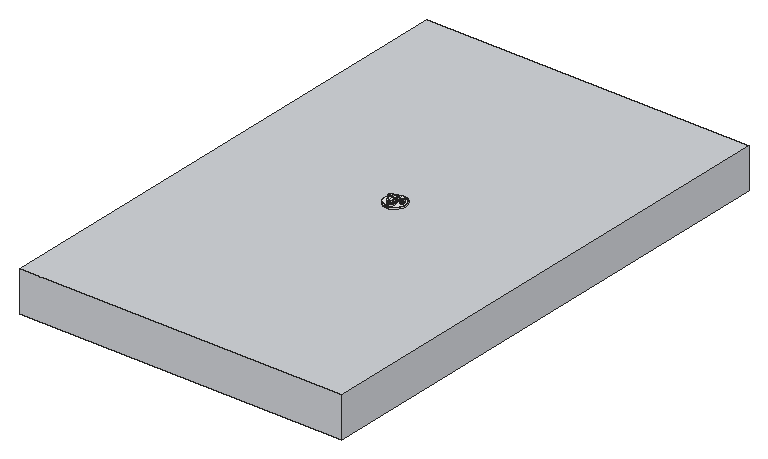
Revit family "Thermostatic_Trim-GROHE-GrohTherm_SmartControl-29138_Series", category Plumbing Fixtures, host Face, Revit 2018
Family settings
  Host = Face
  Round Connector Dimension = Use Diameter
  Part Type = Normal
  OmniClass Number = 23.45.05.14.17
  OmniClass Title = Showers
  Cut with Voids When Loaded = No
  Shared = Yes
  Room Calculation Point = No
Parameters (values of type "29138000")
  cUPC Compliant = yes
  Waste Connection = no
  Warranty Documentation Link = "https://cdn.cloud.grohe.com/tpi/1000/1900/1940/1949/1949006/original/1949006.pdf"
  WFU = 0  # constant formula
  Vent Connection = no
  URL = "https://www.grohe.us/"
  Type Comments = ""
  Revised Date = "05/27/2021"  # constant formula
  Product Page URL = "https://www.grohe.us/Thermostatic-Valves-Trims/Triple-Function-Thermostatic-Valve-Trim/GROHE-CHROME-29138000"
  Product Documentation Link = "https://americanstandard.box.com/shared/static/hyq1e3jxpgm2q76fay2qzz9g2fyxhk8y.pdf"
  Price = "Prices may vary. Please consult Manufacturer Representative for most up-to-date price list."  # constant formula
  Operating Pressure = "43.5 psi (3 bar)"  # constant formula
  Model = "29138000"
  Material = "Metal-Grohe-000-StarLight Chrome"
  Manufacturer = "Grohe"
  Length = 1 11/16"  # constant formula
  Installation Type = "Wall Mounted"
  IAPMO Compliance = "ASME A112.18.1/CSA B125.1"  # constant formula
  Hot Water Connection Radius = Hot Water Connection Diameter / 2  # 1/4"
  Hot Water Connection Diameter = Cold Water Connection Diameter  # 1/2"
  HWFU = 3  # constant formula
  HW Connection = yes
  Flow Rate = "9.5gpm (36L/min)"  # constant formula
  Finish = Metal-Grohe-000-StarLight Chrome
  Diameter = 6 1/4"  # constant formula
  Description = "GrohTherm® SmartControl Triple Function Thermostatic Trim with Control Module"  # constant formula
  Default Elevation = 0"
  Creation Date = "01/04/2018"  # constant formula
  Cold Water Connection Radius = 1/4"  # constant formula
  Cold Water Connection Diameter = Cold Water Connection Radius * 2  # 1/2"
  CWFU = 3  # constant formula
  CW Connection = yes
  Assembly Code = "D2010710"
Reference planes (in)
  plane 1 "Center (Front/Back)": y = 0
  plane 2: z = 0
  plane 3 "Center (Left/Right)": x = 0
  plane 4: z = 0.375
  plane 5: x = -0.15075
  plane 6: x = 0.15075
  plane 7: z = 1.6875
  plane 8: y = -3.125
  plane 9: y = 3.125
  plane 10: x = 3.125
  plane 11: x = -3.125
  plane 12: y = -0.55291
  plane 13: y = -2.48841
  plane 14: y = -1.52066
  plane 15: y = 1.25
  plane 16: y = 0.8125
  plane 17: x = -1.20277
Forms (in)
  Extrusion 1, solid
    sketch origin (-0.5, 0.5, 0) x (1, 0, 0) y (0, 1, 0)
      loop
        line (-48, 72) -> (-48, -79.70833) -> (48, -79.70833) -> (48, 72) -> (-48, 72)
    from 0 to -12
  Extrusion 2, solid, material "Metal-Grohe-000-StarLight Chrome" <- "Finish"
    sketch origin (0, 0, 0) x (1, 0, 0) y (0, 1, 0)
      loop
        circle (-0.81362, 0) r 0.25
      loop
        circle (0.81362, 0) r 0.25
    from 0 to 0.0625
  Revolve 3, solid, material "Metal-Grohe-000-StarLight Chrome" <- "Finish"
    sketch origin (0, 0, 0) x (0, 1, 0) y (0, 0, 1)
      loop
        line (-2.48841, 1.54478) -> (-2.48841, 1.50481) -> (-1.52066, 1.50481) -> (-1.52066, 1.6875)
        arc (-1.52066, 1.6875) -> (-1.94638, 1.681) -> (-2.3717, 1.66149) r 13.93676
        line (-2.3717, 1.66149) -> (-2.48841, 1.54478)
      loop
        line (-1.52066, 0.8294) -> (-2.48841, 0.8294) -> (-2.48841, 0.73803) -> (-2.43034, 0.73803) -> (-2.43034, 0.70214) -> (-2.48841, 0.70214) -> (-2.48841, 0.28028) -> (-1.52066, 0.28028) -> (-1.52066, 0.8294)
      axis (-1.52066, 1.6875) -> (-1.52066, 0.28028)
    angle from 0 to 360
  Extrusion 4, solid, material "Metal-Grohe-000-StarLight Chrome" <- "Finish"
    sketch origin (0, 0, 0) x (1, 0, 0) y (0, 1, 0)
      loop
        arc (0, -0.55291) -> (-0.04361, -0.56153) -> (-0.08782, -0.55691) r 0.14911
        arc (-0.08782, -0.55691) -> (-0.13689, -0.56856) -> (-0.18726, -0.5712) r 0.27927
        arc (-0.18726, -0.5712) -> (-0.22838, -0.5881) -> (-0.27265, -0.59212) r 0.14911
        arc (-0.27265, -0.59212) -> (-0.31206, -0.61267) -> (-0.35578, -0.62069) r 0.14911
        arc (-0.35578, -0.62069) -> (-0.39317, -0.64473) -> (-0.43599, -0.65669) r 0.14911
        arc (-0.43599, -0.65669) -> (-0.47104, -0.68403) -> (-0.51259, -0.69982) r 0.14911
        arc (-0.51259, -0.69982) -> (-0.54502, -0.73022) -> (-0.58497, -0.74972) r 0.14911
        arc (-0.58497, -0.74972) -> (-0.6145, -0.78294) -> (-0.65251, -0.80599) r 0.14911
        arc (-0.65251, -0.80599) -> (-0.67891, -0.84175) -> (-0.71468, -0.86815) r 0.14911
        arc (-0.71468, -0.86815) -> (-0.73772, -0.90616) -> (-0.77094, -0.9357) r 0.14911
        arc (-0.77094, -0.9357) -> (-0.79044, -0.97565) -> (-0.82085, -1.00807) r 0.14911
        arc (-0.82085, -1.00807) -> (-0.83664, -1.04962) -> (-0.86397, -1.08468) r 0.14911
        arc (-0.86397, -1.08468) -> (-0.87593, -1.12749) -> (-0.89997, -1.16488) r 0.14911
        arc (-0.89997, -1.16488) -> (-0.908, -1.2086) -> (-0.92855, -1.24802) r 0.14911
        arc (-0.92855, -1.24802) -> (-0.93257, -1.29229) -> (-0.94946, -1.33341) r 0.14911
        arc (-0.94946, -1.33341) -> (-0.94944, -1.37786) -> (-0.96253, -1.42034) r 0.14911
        arc (-0.96253, -1.42034) -> (-0.95849, -1.46461) -> (-0.96767, -1.5081) r 0.14911
        arc (-0.96767, -1.5081) -> (-0.95962, -1.55182) -> (-0.96481, -1.59597) r 0.14911
        arc (-0.96481, -1.59597) -> (-0.95283, -1.63877) -> (-0.954, -1.68321) r 0.14911
        arc (-0.954, -1.68321) -> (-0.93818, -1.72475) -> (-0.93531, -1.76911) r 0.14911
        arc (-0.93531, -1.76911) -> (-0.91579, -1.80905) -> (-0.90891, -1.85296) r 0.14911
        arc (-0.90891, -1.85296) -> (-0.88584, -1.89096) -> (-0.875, -1.93407) r 0.14911
        arc (-0.875, -1.93407) -> (-0.84858, -1.96982) -> (-0.83388, -2.01177) r 0.14911
        arc (-0.83388, -2.01177) -> (-0.80432, -2.04498) -> (-0.78587, -2.08542) r 0.14911
        arc (-0.78587, -2.08542) -> (-0.75342, -2.1158) -> (-0.73138, -2.1544) r 0.14911
        arc (-0.73138, -2.1544) -> (-0.69631, -2.18172) -> (-0.67085, -2.21816) r 0.14911
        arc (-0.67085, -2.21816) -> (-0.63344, -2.24218) -> (-0.60478, -2.27616) r 0.14911
        arc (-0.60478, -2.27616) -> (-0.56535, -2.29669) -> (-0.53373, -2.32793) r 0.14911
        arc (-0.53373, -2.32793) -> (-0.4926, -2.34479) -> (-0.45827, -2.37303) r 0.14911
        arc (-0.45827, -2.37303) -> (-0.41578, -2.38609) -> (-0.37903, -2.4111) r 0.14911
        arc (-0.37903, -2.4111) -> (-0.33553, -2.42025) -> (-0.29666, -2.44182) r 0.14911
        arc (-0.29666, -2.44182) -> (-0.25251, -2.44699) -> (-0.21184, -2.46494) r 0.14911
        arc (-0.21184, -2.46494) -> (-0.16741, -2.46608) -> (-0.12528, -2.48027) r 0.14911
        arc (-0.12528, -2.48027) -> (-0.08092, -2.47737) -> (-0.03768, -2.48768) r 0.14911
        arc (-0.03768, -2.48768) -> (0.00623, -2.48077) -> (0.05023, -2.48711) r 0.14911
        arc (0.05023, -2.48711) -> (0.09333, -2.47624) -> (0.13772, -2.47856) r 0.14911
        arc (0.13772, -2.47856) -> (0.17966, -2.46383) -> (0.22408, -2.46211) r 0.14911
        arc (0.22408, -2.46211) -> (0.26451, -2.44363) -> (0.30859, -2.43789) r 0.14911
        arc (0.30859, -2.43789) -> (0.34718, -2.41582) -> (0.39056, -2.4061) r 0.14911
        arc (0.39056, -2.4061) -> (0.42698, -2.38062) -> (0.4693, -2.36701) r 0.14911
        arc (0.4693, -2.36701) -> (0.50326, -2.33833) -> (0.54416, -2.32093) r 0.14911
        arc (0.54416, -2.32093) -> (0.57538, -2.28928) -> (0.61454, -2.26825) r 0.14911
        arc (0.61454, -2.26825) -> (0.64276, -2.2339) -> (0.67985, -2.20939) r 0.14911
        arc (0.67985, -2.20939) -> (0.70483, -2.17263) -> (0.73954, -2.14486) r 0.14911
        arc (0.73954, -2.14486) -> (0.76108, -2.10597) -> (0.79313, -2.07517) r 0.14911
        arc (0.79313, -2.07517) -> (0.81106, -2.03449) -> (0.84018, -2.00091) r 0.14911
        arc (0.84018, -2.00091) -> (0.85434, -1.95877) -> (0.8803, -1.92268) r 0.14911
        arc (0.8803, -1.92268) -> (0.89057, -1.87943) -> (0.91315, -1.84114) r 0.14911
        arc (0.91315, -1.84114) -> (0.91946, -1.79714) -> (0.93846, -1.75695) r 0.14911
        arc (0.93846, -1.75695) -> (0.94075, -1.71256) -> (0.95603, -1.67081) r 0.14911
        arc (0.95603, -1.67081) -> (0.95428, -1.62639) -> (0.96571, -1.58344) r 0.14911
        arc (0.96571, -1.58344) -> (0.95994, -1.53936) -> (0.96742, -1.49554) r 0.14911
        arc (0.96742, -1.49554) -> (0.95768, -1.45217) -> (0.96115, -1.40785) r 0.14911
        arc (0.96115, -1.40785) -> (0.94751, -1.36554) -> (0.94695, -1.3211) r 0.14911
        arc (0.94695, -1.3211) -> (0.92952, -1.2802) -> (0.92493, -1.23599) r 0.14911
        arc (0.92493, -1.23599) -> (0.90387, -1.19684) -> (0.89528, -1.15323) r 0.14911
        arc (0.89528, -1.15323) -> (0.87075, -1.11615) -> (0.85824, -1.0735) r 0.14911
        arc (0.85824, -1.0735) -> (0.83045, -1.0388) -> (0.81412, -0.99746) r 0.14911
        arc (0.81412, -0.99746) -> (0.7833, -0.96543) -> (0.76328, -0.92574) r 0.14911
        arc (0.76328, -0.92574) -> (0.72968, -0.89664) -> (0.70615, -0.85893) r 0.14911
        arc (0.70615, -0.85893) -> (0.67004, -0.833) -> (0.64318, -0.79758) r 0.14911
        arc (0.64318, -0.79758) -> (0.60487, -0.77503) -> (0.57491, -0.74219) r 0.14911
        arc (0.57491, -0.74219) -> (0.53471, -0.72322) -> (0.50189, -0.69323) r 0.14911
        arc (0.50189, -0.69323) -> (0.46014, -0.67798) -> (0.42473, -0.6511) r 0.14911
        arc (0.42473, -0.6511) -> (0.38177, -0.6397) -> (0.34407, -0.61615) r 0.14911
        arc (0.34407, -0.61615) -> (0.30025, -0.60869) -> (0.26057, -0.58865) r 0.14911
        arc (0.26057, -0.58865) -> (0.21625, -0.58521) -> (0.17492, -0.56885) r 0.14911
        arc (0.17492, -0.56885) -> (0.13047, -0.56945) -> (0.08782, -0.55691) r 0.14911
        arc (0.08782, -0.55691) -> (0.04361, -0.56153) -> (0, -0.55291) r 0.14911
    from 0.8294 to 1.50481
  Extrusion 5, solid, material "Paint-Grohe-Red"
    sketch origin (0, 0, 0) x (1, 0, 0) y (0, 1, 0)
      loop
        line (-0.24665, -0.46647) -> (-0.26135, -0.40363)
        arc (-0.26135, -0.40363) -> (-0.70105, -0.61259) -> (-1.0145, -0.98507) r 1.1472
        line (-1.0145, -0.98507) -> (-0.95743, -1.0152)
        arc (-0.95743, -1.0152) -> (-0.66161, -0.66367) -> (-0.24665, -0.46647) r 1.08267
    from 0 to 0.38164
  Extrusion 6, solid, material "Paint-Grohe-Blue"
    sketch origin (0, 0, 0) x (-1, 0, 0) y (0, -1, 0)
      loop
        arc (-0.24665, 0.46647) -> (-0.66161, 0.66367) -> (-0.95743, 1.0152) r 1.08267
        line (-0.95743, 1.0152) -> (-1.0145, 0.98507)
        arc (-1.0145, 0.98507) -> (-0.70105, 0.61259) -> (-0.26135, 0.40363) r 1.1472
        line (-0.26135, 0.40363) -> (-0.24665, 0.46647)
    from 0 to 0.38164
  Extrusion 7, solid, material "Metal-Grohe-000-StarLight Chrome" <- "Finish"
    sketch origin (0, 0, 0) x (1, 0, 0) y (0, 0, 1)
      loop
        circle (0, 1.16813) r 0.30299
    from 0.25425 to 1.62542
  Extrusion 8, void
    sketch origin (0, 0, 0) x (1, 0, 0) y (0, 1, 0)
      loop
        line (0.35253, -0.58486) -> (0.35253, -0.17759) -> (-0.35958, -0.17759) -> (-0.35958, -0.58755)
        arc (-0.35958, -0.58755) -> (-0.00377, -0.52067) -> (0.35253, -0.58486) r 1
    from 0.73803 to 1.50481
  Revolve 9, solid, material "Metal-Grohe-000-StarLight Chrome" <- "Finish"
    sketch origin (1.73402, -0.04687, 0) x (0, 1, 0) y (0, 0, -1)
      loop
        line (0, -1.06249) -> (0, -1.11503) -> (0.09198, -1.16813)
        arc (0.09198, -1.16813) -> (0.35784, -1.19594) -> (0.625, -1.20523) r 3.84769
        line (0.625, -1.20523) -> (0.625, -1.06249) -> (0, -1.06249)
      loop
        line (0, -0.28028) -> (0, -0.52591) -> (0.625, -0.52591) -> (0.625, -0.28028) -> (0, -0.28028)
      axis (0.625, -1.20523) -> (0.625, -0.28028)
    angle from 0 to 360
  Extrusion 10, solid, material "Metal-Grohe-000-StarLight Chrome" <- "Finish"
    sketch origin (1.73402, -0.04687, 0) x (-1, 0, 0) y (0, -1, 0)
      loop
        arc (0, -1.25) -> (0.04338, -1.2403) -> (0.08769, -1.24382) r 0.14911
        arc (0.08769, -1.24382) -> (0.12928, -1.22813) -> (0.17365, -1.22539) r 0.14911
        arc (0.17365, -1.22539) -> (0.21263, -1.20402) -> (0.25618, -1.19509) r 0.14911
        arc (0.25618, -1.19509) -> (0.29177, -1.16846) -> (0.33363, -1.1535) r 0.14911
        arc (0.33363, -1.1535) -> (0.36514, -1.12215) -> (0.40449, -1.10147) r 0.14911
        arc (0.40449, -1.10147) -> (0.43128, -1.066) -> (0.46733, -1.04) r 0.14911
        arc (0.46733, -1.04) -> (0.48889, -1.00112) -> (0.52094, -0.97032) r 0.14911
        arc (0.52094, -0.97032) -> (0.53682, -0.92881) -> (0.56424, -0.89381) r 0.14911
        arc (0.56424, -0.89381) -> (0.57414, -0.85048) -> (0.59638, -0.81199) r 0.14911
        arc (0.59638, -0.81199) -> (0.6001, -0.76769) -> (0.61671, -0.72646) r 0.14911
        arc (0.61671, -0.72646) -> (0.61418, -0.68208) -> (0.62485, -0.63892) r 0.14911
        arc (0.62485, -0.63892) -> (0.61612, -0.59534) -> (0.62062, -0.55112) r 0.14911
        arc (0.62062, -0.55112) -> (0.60586, -0.50918) -> (0.60412, -0.46477) r 0.14911
        arc (0.60412, -0.46477) -> (0.58362, -0.42532) -> (0.57565, -0.38159) r 0.14911
        arc (0.57565, -0.38159) -> (0.54983, -0.34541) -> (0.53581, -0.30323) r 0.14911
        arc (0.53581, -0.30323) -> (0.50516, -0.27103) -> (0.48536, -0.23123) r 0.14911
        arc (0.48536, -0.23123) -> (0.45049, -0.20365) -> (0.42531, -0.16702) r 0.14911
        arc (0.42531, -0.16702) -> (0.38692, -0.14461) -> (0.35684, -0.11188) r 0.14911
        arc (0.35684, -0.11188) -> (0.31569, -0.09508) -> (0.28132, -0.06689) r 0.14911
        arc (0.28132, -0.06689) -> (0.23821, -0.05603) -> (0.20023, -0.03294) r 0.14911
        arc (0.20023, -0.03294) -> (0.15602, -0.02823) -> (0.11517, -0.0107) r 0.14911
        arc (0.11517, -0.0107) -> (0.07075, -0.01224) -> (0.02784, -0.00062) r 0.14911
        arc (0.02784, -0.00062) -> (-0.01593, -0.00838) -> (-0.06004, -0.00289) r 0.14911
        arc (-0.06004, -0.00289) -> (-0.10229, -0.01671) -> (-0.14673, -0.01747) r 0.14911
        arc (-0.14673, -0.01747) -> (-0.18663, -0.03708) -> (-0.23053, -0.04406) r 0.14911
        arc (-0.23053, -0.04406) -> (-0.26727, -0.06908) -> (-0.30975, -0.08216) r 0.14911
        arc (-0.30975, -0.08216) -> (-0.34263, -0.11208) -> (-0.38286, -0.13099) r 0.14911
        arc (-0.38286, -0.13099) -> (-0.4112, -0.16523) -> (-0.44838, -0.18959) r 0.14911
        arc (-0.44838, -0.18959) -> (-0.47165, -0.22747) -> (-0.50504, -0.25681) r 0.14911
        arc (-0.50504, -0.25681) -> (-0.52276, -0.29758) -> (-0.5517, -0.33132) r 0.14911
        arc (-0.5517, -0.33132) -> (-0.56353, -0.37417) -> (-0.58746, -0.41163) r 0.14911
        arc (-0.58746, -0.41163) -> (-0.59315, -0.45572) -> (-0.61158, -0.49617) r 0.14911
        arc (-0.61158, -0.49617) -> (-0.61103, -0.54062) -> (-0.62361, -0.58325) r 0.14911
        arc (-0.62361, -0.58325) -> (-0.61683, -0.62718) -> (-0.62329, -0.67116) r 0.14911
        arc (-0.62329, -0.67116) -> (-0.61042, -0.71371) -> (-0.61065, -0.75816) r 0.14911
        arc (-0.61065, -0.75816) -> (-0.59193, -0.79848) -> (-0.58593, -0.84252) r 0.14911
        arc (-0.58593, -0.84252) -> (-0.56173, -0.87982) -> (-0.54961, -0.92259) r 0.14911
        arc (-0.54961, -0.92259) -> (-0.52043, -0.95611) -> (-0.50242, -0.99675) r 0.14911
        arc (-0.50242, -0.99675) -> (-0.46882, -1.02586) -> (-0.44529, -1.06357) r 0.14911
        arc (-0.44529, -1.06357) -> (-0.40794, -1.08767) -> (-0.37935, -1.12171) r 0.14911
        arc (-0.37935, -1.12171) -> (-0.33898, -1.14033) -> (-0.3059, -1.17003) r 0.14911
        arc (-0.3059, -1.17003) -> (-0.26332, -1.1828) -> (-0.2264, -1.20755) r 0.14911
        arc (-0.2264, -1.20755) -> (-0.18245, -1.21423) -> (-0.14243, -1.23356) r 0.14911
        arc (-0.14243, -1.23356) -> (-0.1059, -1.23281) -> (-0.07178, -1.24586) r 0.09526
        arc (-0.07178, -1.24586) -> (-0.03551, -1.24132) -> (0, -1.25) r 0.10083
    from 0.52591 to 1.06249
  Revolve 11, solid, material "Metal-Grohe-000-StarLight Chrome" <- "Finish"
    sketch origin (-1.73402, -0.04687, 0) x (0, 1, 0) y (0, 0, 1)
      loop
        line (0, 1.06249) -> (0.625, 1.06249) -> (0.625, 1.20523)
        arc (0.625, 1.20523) -> (0.35784, 1.19594) -> (0.09198, 1.16813) r 3.84769
        line (0.09198, 1.16813) -> (0, 1.11503) -> (0, 1.06249)
      loop
        line (0, 0.28028) -> (0.625, 0.28028) -> (0.625, 0.52591) -> (0, 0.52591) -> (0, 0.28028)
      axis (0.625, 1.20523) -> (0.625, 0.28028)
    angle from 0 to 360
  Extrusion 12, solid, material "Metal-Grohe-000-StarLight Chrome" <- "Finish"
    sketch origin (-1.73402, -0.04687, 0) x (1, 0, 0) y (0, 1, 0)
      loop
        arc (0, 1.25) -> (-0.03551, 1.24132) -> (-0.07178, 1.24586) r 0.10083
        arc (-0.07178, 1.24586) -> (-0.1059, 1.23281) -> (-0.14243, 1.23356) r 0.09526
        arc (-0.14243, 1.23356) -> (-0.18245, 1.21423) -> (-0.2264, 1.20755) r 0.14911
        arc (-0.2264, 1.20755) -> (-0.26332, 1.1828) -> (-0.3059, 1.17003) r 0.14911
        arc (-0.3059, 1.17003) -> (-0.33898, 1.14033) -> (-0.37935, 1.12171) r 0.14911
        arc (-0.37935, 1.12171) -> (-0.40794, 1.08767) -> (-0.44529, 1.06357) r 0.14911
        arc (-0.44529, 1.06357) -> (-0.46882, 1.02586) -> (-0.50242, 0.99675) r 0.14911
        arc (-0.50242, 0.99675) -> (-0.52043, 0.95611) -> (-0.54961, 0.92259) r 0.14911
        arc (-0.54961, 0.92259) -> (-0.56173, 0.87982) -> (-0.58593, 0.84252) r 0.14911
        arc (-0.58593, 0.84252) -> (-0.59193, 0.79848) -> (-0.61065, 0.75816) r 0.14911
        arc (-0.61065, 0.75816) -> (-0.61042, 0.71371) -> (-0.62329, 0.67116) r 0.14911
        arc (-0.62329, 0.67116) -> (-0.61683, 0.62718) -> (-0.62361, 0.58325) r 0.14911
        arc (-0.62361, 0.58325) -> (-0.61103, 0.54062) -> (-0.61158, 0.49617) r 0.14911
        arc (-0.61158, 0.49617) -> (-0.59315, 0.45572) -> (-0.58746, 0.41163) r 0.14911
        arc (-0.58746, 0.41163) -> (-0.56353, 0.37417) -> (-0.5517, 0.33132) r 0.14911
        arc (-0.5517, 0.33132) -> (-0.52276, 0.29758) -> (-0.50504, 0.25681) r 0.14911
        arc (-0.50504, 0.25681) -> (-0.47165, 0.22747) -> (-0.44838, 0.18959) r 0.14911
        arc (-0.44838, 0.18959) -> (-0.4112, 0.16523) -> (-0.38286, 0.13099) r 0.14911
        arc (-0.38286, 0.13099) -> (-0.34263, 0.11208) -> (-0.30975, 0.08216) r 0.14911
        arc (-0.30975, 0.08216) -> (-0.26727, 0.06908) -> (-0.23053, 0.04406) r 0.14911
        arc (-0.23053, 0.04406) -> (-0.18663, 0.03708) -> (-0.14673, 0.01747) r 0.14911
        arc (-0.14673, 0.01747) -> (-0.10229, 0.01671) -> (-0.06004, 0.00289) r 0.14911
        arc (-0.06004, 0.00289) -> (-0.01593, 0.00838) -> (0.02784, 0.00062) r 0.14911
        arc (0.02784, 0.00062) -> (0.07075, 0.01224) -> (0.11517, 0.0107) r 0.14911
        arc (0.11517, 0.0107) -> (0.15602, 0.02823) -> (0.20023, 0.03294) r 0.14911
        arc (0.20023, 0.03294) -> (0.23821, 0.05603) -> (0.28132, 0.06689) r 0.14911
        arc (0.28132, 0.06689) -> (0.31569, 0.09508) -> (0.35684, 0.11188) r 0.14911
        arc (0.35684, 0.11188) -> (0.38692, 0.14461) -> (0.42531, 0.16702) r 0.14911
        arc (0.42531, 0.16702) -> (0.45049, 0.20365) -> (0.48536, 0.23123) r 0.14911
        arc (0.48536, 0.23123) -> (0.50516, 0.27103) -> (0.53581, 0.30323) r 0.14911
        arc (0.53581, 0.30323) -> (0.54983, 0.34541) -> (0.57565, 0.38159) r 0.14911
        arc (0.57565, 0.38159) -> (0.58362, 0.42532) -> (0.60412, 0.46477) r 0.14911
        arc (0.60412, 0.46477) -> (0.60586, 0.50918) -> (0.62062, 0.55112) r 0.14911
        arc (0.62062, 0.55112) -> (0.61612, 0.59534) -> (0.62485, 0.63892) r 0.14911
        arc (0.62485, 0.63892) -> (0.61418, 0.68208) -> (0.61671, 0.72646) r 0.14911
        arc (0.61671, 0.72646) -> (0.6001, 0.76769) -> (0.59638, 0.81199) r 0.14911
        arc (0.59638, 0.81199) -> (0.57414, 0.85048) -> (0.56424, 0.89381) r 0.14911
        arc (0.56424, 0.89381) -> (0.53682, 0.92881) -> (0.52094, 0.97032) r 0.14911
        arc (0.52094, 0.97032) -> (0.48889, 1.00112) -> (0.46733, 1.04) r 0.14911
        arc (0.46733, 1.04) -> (0.43128, 1.066) -> (0.40449, 1.10147) r 0.14911
        arc (0.40449, 1.10147) -> (0.36514, 1.12215) -> (0.33363, 1.1535) r 0.14911
        arc (0.33363, 1.1535) -> (0.29177, 1.16846) -> (0.25618, 1.19509) r 0.14911
        arc (0.25618, 1.19509) -> (0.21263, 1.20402) -> (0.17365, 1.22539) r 0.14911
        arc (0.17365, 1.22539) -> (0.12928, 1.22813) -> (0.08769, 1.24382) r 0.14911
        arc (0.08769, 1.24382) -> (0.04338, 1.2403) -> (0, 1.25) r 0.14911
    from 0.52591 to 1.06249
  Revolve 13, solid, material "Metal-Grohe-000-StarLight Chrome" <- "Finish"
    sketch origin (0, -0.04687, 0) x (0, 1, 0) y (0, 0, 1)
      loop
        line (0, 1.06249) -> (0.625, 1.06249) -> (0.625, 1.20523)
        arc (0.625, 1.20523) -> (0.35784, 1.19594) -> (0.09198, 1.16813) r 3.84769
        line (0.09198, 1.16813) -> (0, 1.11503) -> (0, 1.06249)
      loop
        line (0, 0.28028) -> (0.625, 0.28028) -> (0.625, 0.52591) -> (0, 0.52591) -> (0, 0.28028)
      axis (0.625, 1.20523) -> (0.625, 0.28028)
    angle from 0 to 360
  Extrusion 14, solid, material "Metal-Grohe-000-StarLight Chrome" <- "Finish"
    sketch origin (0, -0.04688, 0) x (1, 0, 0) y (0, 1, 0)
      loop
        arc (0, 1.25) -> (-0.03551, 1.24132) -> (-0.07178, 1.24586) r 0.10083
        arc (-0.07178, 1.24586) -> (-0.1059, 1.23281) -> (-0.14243, 1.23356) r 0.09526
        arc (-0.14243, 1.23356) -> (-0.18245, 1.21423) -> (-0.2264, 1.20755) r 0.14911
        arc (-0.2264, 1.20755) -> (-0.26332, 1.1828) -> (-0.3059, 1.17003) r 0.14911
        arc (-0.3059, 1.17003) -> (-0.33898, 1.14033) -> (-0.37935, 1.12171) r 0.14911
        arc (-0.37935, 1.12171) -> (-0.40794, 1.08767) -> (-0.44529, 1.06357) r 0.14911
        arc (-0.44529, 1.06357) -> (-0.46882, 1.02586) -> (-0.50242, 0.99675) r 0.14911
        arc (-0.50242, 0.99675) -> (-0.52043, 0.95611) -> (-0.54961, 0.92259) r 0.14911
        arc (-0.54961, 0.92259) -> (-0.56173, 0.87982) -> (-0.58593, 0.84252) r 0.14911
        arc (-0.58593, 0.84252) -> (-0.59193, 0.79848) -> (-0.61065, 0.75816) r 0.14911
        arc (-0.61065, 0.75816) -> (-0.61042, 0.71371) -> (-0.62329, 0.67116) r 0.14911
        arc (-0.62329, 0.67116) -> (-0.61683, 0.62718) -> (-0.62361, 0.58325) r 0.14911
        arc (-0.62361, 0.58325) -> (-0.61103, 0.54062) -> (-0.61158, 0.49617) r 0.14911
        arc (-0.61158, 0.49617) -> (-0.59315, 0.45572) -> (-0.58746, 0.41163) r 0.14911
        arc (-0.58746, 0.41163) -> (-0.56353, 0.37417) -> (-0.5517, 0.33132) r 0.14911
        arc (-0.5517, 0.33132) -> (-0.52276, 0.29758) -> (-0.50504, 0.25681) r 0.14911
        arc (-0.50504, 0.25681) -> (-0.47165, 0.22747) -> (-0.44838, 0.18959) r 0.14911
        arc (-0.44838, 0.18959) -> (-0.4112, 0.16523) -> (-0.38286, 0.13099) r 0.14911
        arc (-0.38286, 0.13099) -> (-0.34263, 0.11208) -> (-0.30975, 0.08216) r 0.14911
        arc (-0.30975, 0.08216) -> (-0.26727, 0.06908) -> (-0.23053, 0.04406) r 0.14911
        arc (-0.23053, 0.04406) -> (-0.18663, 0.03708) -> (-0.14673, 0.01747) r 0.14911
        arc (-0.14673, 0.01747) -> (-0.10229, 0.01671) -> (-0.06004, 0.00289) r 0.14911
        arc (-0.06004, 0.00289) -> (-0.01593, 0.00838) -> (0.02784, 0.00062) r 0.14911
        arc (0.02784, 0.00062) -> (0.07075, 0.01224) -> (0.11517, 0.0107) r 0.14911
        arc (0.11517, 0.0107) -> (0.15602, 0.02823) -> (0.20023, 0.03294) r 0.14911
        arc (0.20023, 0.03294) -> (0.23821, 0.05603) -> (0.28132, 0.06689) r 0.14911
        arc (0.28132, 0.06689) -> (0.31569, 0.09508) -> (0.35684, 0.11188) r 0.14911
        arc (0.35684, 0.11188) -> (0.38692, 0.14461) -> (0.42531, 0.16702) r 0.14911
        arc (0.42531, 0.16702) -> (0.45049, 0.20365) -> (0.48536, 0.23123) r 0.14911
        arc (0.48536, 0.23123) -> (0.50516, 0.27103) -> (0.53581, 0.30323) r 0.14911
        arc (0.53581, 0.30323) -> (0.54983, 0.34541) -> (0.57565, 0.38159) r 0.14911
        arc (0.57565, 0.38159) -> (0.58362, 0.42532) -> (0.60412, 0.46477) r 0.14911
        arc (0.60412, 0.46477) -> (0.60586, 0.50918) -> (0.62062, 0.55112) r 0.14911
        arc (0.62062, 0.55112) -> (0.61612, 0.59534) -> (0.62485, 0.63892) r 0.14911
        arc (0.62485, 0.63892) -> (0.61418, 0.68208) -> (0.61671, 0.72646) r 0.14911
        arc (0.61671, 0.72646) -> (0.6001, 0.76769) -> (0.59638, 0.81199) r 0.14911
        arc (0.59638, 0.81199) -> (0.57414, 0.85048) -> (0.56424, 0.89381) r 0.14911
        arc (0.56424, 0.89381) -> (0.53682, 0.92881) -> (0.52094, 0.97032) r 0.14911
        arc (0.52094, 0.97032) -> (0.48889, 1.00112) -> (0.46733, 1.04) r 0.14911
        arc (0.46733, 1.04) -> (0.43128, 1.066) -> (0.40449, 1.10147) r 0.14911
        arc (0.40449, 1.10147) -> (0.36514, 1.12215) -> (0.33363, 1.1535) r 0.14911
        arc (0.33363, 1.1535) -> (0.29177, 1.16846) -> (0.25618, 1.19509) r 0.14911
        arc (0.25618, 1.19509) -> (0.21263, 1.20402) -> (0.17365, 1.22539) r 0.14911
        arc (0.17365, 1.22539) -> (0.12928, 1.22813) -> (0.08769, 1.24382) r 0.14911
        arc (0.08769, 1.24382) -> (0.04338, 1.2403) -> (0, 1.25) r 0.14911
    from 0.52591 to 1.06249
  Revolve 15, solid, material "Metal-Grohe-000-StarLight Chrome" <- "Finish"
    sketch origin (0, 0, 0) x (0, 1, 0) y (0, 0, 1)
      loop
        line (0, 0) -> (3.125, 0) -> (3.125, 0.28028) -> (3.03028, 0.375) -> (0, 0.375) -> (0, 0)
      axis (0, 0.375) -> (0, 0)
    angle from 0 to 360
Cuts and joins
  Extrusion 8 cuts Extrusion 2
  Extrusion 8 cuts Extrusion 4
  Extrusion 8 cuts Extrusion 7
  joined: Extrusion 2, Extrusion 4, Extrusion 7
  Extrusion 8 cuts Extrusion 5
  Extrusion 8 cuts Extrusion 6
  joined: Revolve 3, Revolve 9, Extrusion 10, Revolve 11, Extrusion 12, Revolve 13, Extrusion 14, Revolve 15
Lines and regions (in)
  Masking region 1
    outline origin (0, 0, 0) x (1, 0, 0) y (0, 0, 1)
      loop
        line (3.125, 0) -> (3.125, 0.28028) -> (3.03028, 0.375) -> (2.35902, 0.375) -> (2.35902, 1.11503) -> (2.26704, 1.16813)
        arc (2.26704, 1.16813) -> (1.73402, 1.20714) -> (1.201, 1.16813) r 3.66067
        line (1.201, 1.16813) -> (1.10902, 1.11503) -> (1.10902, 0.375) -> (0.9678, 0.375) -> (0.9678, 0.70214) -> (0.90968, 0.70214) -> (0.90968, 0.73803) -> (0.9678, 0.73803) -> (0.9678, 1.54473) -> (0.85103, 1.66149)
        arc (0.85103, 1.66149) -> (0, 1.68773) -> (-0.85103, 1.66149) r 13.81654
        line (-0.85103, 1.66149) -> (-0.9678, 1.54473) -> (-0.9678, 0.73803) -> (-0.90968, 0.73803) -> (-0.90968, 0.70214) -> (-0.9678, 0.70214) -> (-0.9678, 0.375) -> (-1.10902, 0.375) -> (-1.10902, 1.11503) -> (-1.201, 1.16813)
        arc (-1.201, 1.16813) -> (-1.73402, 1.20714) -> (-2.26704, 1.16813) r 3.66067
        line (-2.26704, 1.16813) -> (-2.35902, 1.11503) -> (-2.35902, 0.375) -> (-3.03028, 0.375) -> (-3.125, 0.28028) -> (-3.125, 0) -> (3.125, 0)
  symbolic lines, detail levels fine
    curve 1: line (-0.625, 0, 0.375) -> (0.625, 0, 0.375)
    curve 2: line (0.85103, 0, 1.66149) -> (-0.85103, 0, 1.66149)
    curve 3: line (0.9678, 0, 1.54473) -> (-0.9678, 0, 1.54473)
    curve 4: line (0.9678, 0, 1.50481) -> (-0.9678, 0, 1.50481)
    curve 6: line (3.125, 0, 0.28028) -> (-3.125, 0, 0.28028)
    curve 7: line (0.29639, 0, 1.23101) -> (0.29639, 0, 1.50481)
    curve 8: line (0.21824, 0, 1.3783) -> (0.21824, 0, 1.50481)
    curve 9: line (0.14009, 0, 1.43678) -> (0.14009, 0, 1.50481)
    curve 10: line (0.06194, 0, 1.46472) -> (0.06194, 0, 1.50481)
    curve 11: line (-0.01621, 0, 1.47068) -> (-0.01621, 0, 1.50481)
    curve 12: line (-0.09436, 0, 1.45605) -> (-0.09436, 0, 1.50481)
    curve 13: line (-0.17251, 0, 1.41721) -> (-0.17251, 0, 1.50481)
    curve 14: line (-0.25066, 0, 1.33834) -> (-0.25066, 0, 1.50481)
    curve 18: line (2.35902, 0, 0.52591) -> (1.10902, 0, 0.52591)
    curve 19: line (2.35902, 0, 1.06249) -> (1.10902, 0, 1.06249)
    curve 20: line (2.35902, 0, 1.11503) -> (1.10902, 0, 1.11503)
    curve 21: line (2.26704, 0, 1.16813) -> (1.201, 0, 1.16813)
    curve 22: line (1.18717, 0, 0.52591) -> (1.18717, 0, 1.06249)
    curve 23: line (1.26532, 0, 0.52591) -> (1.26532, 0, 1.06249)
    curve 24: line (1.34347, 0, 0.52591) -> (1.34347, 0, 1.06249)
    curve 25: line (1.42162, 0, 0.52591) -> (1.42162, 0, 1.06249)
    curve 26: line (1.49977, 0, 0.52591) -> (1.49977, 0, 1.06249)
    curve 27: line (1.57792, 0, 0.52591) -> (1.57792, 0, 1.06249)
    curve 28: line (1.65607, 0, 0.52591) -> (1.65607, 0, 1.06249)
    curve 29: line (1.73422, 0, 0.52591) -> (1.73422, 0, 1.06249)
    curve 30: line (1.81237, 0, 0.52591) -> (1.81237, 0, 1.06249)
    curve 31: line (1.89052, 0, 0.52591) -> (1.89052, 0, 1.06249)
    curve 32: line (1.96867, 0, 0.52591) -> (1.96867, 0, 1.06249)
    curve 33: line (2.04681, 0, 0.52591) -> (2.04681, 0, 1.06249)
    curve 34: line (2.12496, 0, 0.52591) -> (2.12496, 0, 1.06249)
    curve 35: line (2.20311, 0, 0.52591) -> (2.20311, 0, 1.06249)
    curve 36: line (2.28126, 0, 0.52591) -> (2.28126, 0, 1.06249)
    curve 37: line (0.92159, 0, 0.8294) -> (0.92159, 0, 1.50481)
    curve 38: line (0.84344, 0, 0.8294) -> (0.84344, 0, 1.50481)
    curve 39: line (0.76529, 0, 0.8294) -> (0.76529, 0, 1.50481)
    curve 40: line (0.68714, 0, 0.8294) -> (0.68714, 0, 1.50481)
    curve 45: line (-0.625, 0, 0.52591) -> (0.625, 0, 0.52591)
    curve 46: line (-0.625, 0, 1.06249) -> (0.625, 0, 1.06249)
    curve 47: line (-0.625, 0, 1.11503) -> (0.625, 0, 1.11503)
    curve 48: line (-0.53302, 0, 1.16813) -> (0.53302, 0, 1.16813)
    curve 49: line (0.54685, 0, 0.52591) -> (0.54685, 0, 1.06249)
    curve 50: line (0.4687, 0, 0.52591) -> (0.4687, 0, 1.06249)
    curve 51: line (0.39055, 0, 0.52591) -> (0.39055, 0, 1.06249)
    curve 52: line (0.3124, 0, 0.52591) -> (0.3124, 0, 1.06249)
    curve 53: line (0.23425, 0, 0.52591) -> (0.23425, 0, 1.06249)
    curve 54: line (0.1561, 0, 0.52591) -> (0.1561, 0, 1.06249)
    curve 55: line (0.07795, 0, 0.52591) -> (0.07795, 0, 1.06249)
    curve 56: line (-0.0002, 0, 0.52591) -> (-0.0002, 0, 1.06249)
    curve 57: line (-0.07834, 0, 0.52591) -> (-0.07834, 0, 1.06249)
    curve 58: line (-0.15649, 0, 0.52591) -> (-0.15649, 0, 1.06249)
    curve 59: line (-0.23464, 0, 0.52591) -> (-0.23464, 0, 1.06249)
    curve 60: line (-0.31279, 0, 0.52591) -> (-0.31279, 0, 1.06249)
    curve 61: line (-0.39094, 0, 0.52591) -> (-0.39094, 0, 1.06249)
    curve 62: line (-0.46909, 0, 0.52591) -> (-0.46909, 0, 1.06249)
    curve 63: line (-0.54724, 0, 0.52591) -> (-0.54724, 0, 1.06249)
    curve 66: line (-0.6414, 0, 0.8294) -> (-0.6414, 0, 1.50481)
    curve 67: line (-0.71955, 0, 0.8294) -> (-0.71955, 0, 1.50481)
    curve 68: line (-0.7977, 0, 0.8294) -> (-0.7977, 0, 1.50481)
    curve 69: line (-0.87585, 0, 0.8294) -> (-0.87585, 0, 1.50481)
    curve 70: line (-0.954, 0, 0.8294) -> (-0.954, 0, 1.50481)
    curve 71: line (0.625, 0, 0.70214) -> (0.90968, 0, 0.70214)
    curve 72: line (0.90968, 0, 0.73803) -> (0.625, 0, 0.73803)
    curve 73: line (0.625, 0, 0.8294) -> (0.9678, 0, 0.8294)
    curve 74: line (2.35902, 0, 0.375) -> (1.10902, 0, 0.375)
    curve 75: arc (0.30182, 0, 1.19468) -> (0, 0, 1.47112) -> (-0.30182, 0, 1.19468) r 0.30299
    curve 76: line (0.60899, 0, 1.12427) -> (0.60899, 0, 1.50481)
    curve 77: line (0.53084, 0, 1.16845) -> (0.53084, 0, 1.50481)
    curve 78: line (0.45269, 0, 1.17905) -> (0.45269, 0, 1.50481)
    curve 79: line (0.37454, 0, 1.18793) -> (0.37454, 0, 1.50481)
    curve 80: line (-0.32881, 0, 1.19235) -> (-0.32881, 0, 1.50481)
    curve 81: line (-0.40695, 0, 1.18445) -> (-0.40695, 0, 1.50481)
    curve 82: line (-0.4851, 0, 1.17486) -> (-0.4851, 0, 1.50481)
    curve 83: line (-0.56325, 0, 1.15067) -> (-0.56325, 0, 1.50481)
    curve 84: line (-0.625, 0, 0.70214) -> (-0.90968, 0, 0.70214)
    curve 85: line (-0.90968, 0, 0.73803) -> (-0.625, 0, 0.73803)
    curve 86: line (-0.625, 0, 0.8294) -> (-0.9678, 0, 0.8294)
    curve 89: line (-2.35902, 0, 0.52591) -> (-1.10902, 0, 0.52591)
    curve 90: line (-2.35902, 0, 1.06249) -> (-1.10902, 0, 1.06249)
    curve 91: line (-2.35902, 0, 1.11503) -> (-1.10902, 0, 1.11503)
    curve 92: line (-2.26704, 0, 1.16813) -> (-1.201, 0, 1.16813)
    curve 93: line (-1.18717, 0, 0.52591) -> (-1.18717, 0, 1.06249)
    curve 94: line (-1.26532, 0, 0.52591) -> (-1.26532, 0, 1.06249)
    curve 95: line (-1.34347, 0, 0.52591) -> (-1.34347, 0, 1.06249)
    curve 96: line (-1.42162, 0, 0.52591) -> (-1.42162, 0, 1.06249)
    curve 97: line (-1.49977, 0, 0.52591) -> (-1.49977, 0, 1.06249)
    curve 98: line (-1.57792, 0, 0.52591) -> (-1.57792, 0, 1.06249)
    curve 99: line (-1.65607, 0, 0.52591) -> (-1.65607, 0, 1.06249)
    curve 100: line (-1.73422, 0, 0.52591) -> (-1.73422, 0, 1.06249)
    curve 101: line (-1.81237, 0, 0.52591) -> (-1.81237, 0, 1.06249)
    curve 102: line (-1.89052, 0, 0.52591) -> (-1.89052, 0, 1.06249)
    curve 103: line (-1.96867, 0, 0.52591) -> (-1.96867, 0, 1.06249)
    curve 104: line (-2.04681, 0, 0.52591) -> (-2.04681, 0, 1.06249)
    curve 105: line (-2.12496, 0, 0.52591) -> (-2.12496, 0, 1.06249)
    curve 106: line (-2.20311, 0, 0.52591) -> (-2.20311, 0, 1.06249)
    curve 107: line (-2.28126, 0, 0.52591) -> (-2.28126, 0, 1.06249)
    curve 108: line (-2.35902, 0, 0.375) -> (-1.10902, 0, 0.375)
  symbolic lines, detail levels medium+fine
    curve 5: line (1.10902, 0, 0.375) -> (0.625, 0, 0.375)
    curve 15: line (2.35902, 0, 0.375) -> (2.35902, 0, 0.52591)
    curve 16: line (2.35902, 0, 1.11503) -> (2.26704, 0, 1.16813)
    curve 17: line (1.10902, 0, 0.375) -> (1.10902, 0, 0.52591)
    curve 41: line (-0.625, 0, 0.375) -> (-0.625, 0, 1.11503)
    curve 42: line (-0.625, 0, 1.11503) -> (-0.53302, 0, 1.16813)
    curve 43: line (0.625, 0, 0.375) -> (0.625, 0, 1.11503)
    curve 44: line (0.625, 0, 1.11503) -> (0.53302, 0, 1.16813)
    curve 64: arc (-0.53302, 0, 1.16813) -> (-0.00878, 0, 1.20713) -> (0.51564, 0, 1.17065) r 3.66067
    curve 65: arc (0.51564, 0, 1.17065) -> (0.52433, 0, 1.1694) -> (0.53302, 0, 1.16813) r 3.66067
    curve 87: line (-1.10902, 0, 0.375) -> (-0.625, 0, 0.375)
    curve 88: line (-2.35902, 0, 1.11503) -> (-2.26704, 0, 1.16813)
Dimensions and locks (in)
  locked: plane 4 to level at 0.375
  "Length": plane 7 to level
  equal spacing: plane 11, plane 3 "Center (Left/Right)", plane 10
  "Diameter": plane 11 to plane 10
  equal spacing: plane 9, plane 1 "Center (Front/Back)", plane 8
  "Diameter": plane 9 to plane 8
  equal spacing: plane 12, plane 14, plane 13
  plane 12 to plane 13 = 1.9355"
  plane 1 "Center (Front/Back)" to plane 14 = 1.52066"
  plane 15 to plane 1 "Center (Front/Back)" = 1 1/4"  (x2)
  "Hot Water Connection Diameter": diameter of Extrusion 2 sketch curve
  "Cold Water Connection Diameter": diameter of Extrusion 2 sketch curve
  aligned and locked: plane 2 to Extrusion 1
  aligned and locked: level to Extrusion 1
  aligned and locked: Masking region 1 to curve 73
  aligned and locked: Masking region 1 to curve 72
  aligned and locked: curve 71 to Masking region 1
Automatic sketch dimensions
  Extrusion 1 sketch curve to Extrusion 1 sketch curve = 96"
  Extrusion 1 sketch curve to Extrusion 1 sketch curve = 151.70833"
  plane 1 "Center (Front/Back)" to Extrusion 2 sketch curve = 0"  (x2)
  plane 17 to Extrusion 2 sketch curve = 0.38915"
  plane 6 to Extrusion 2 sketch curve = 0.66287"
  Extrusion 4 sketch curve to plane 3 "Center (Left/Right)" = 0"
  Extrusion 4 sketch curve to plane 12 = 0"
  Extrusion 4 sketch curve to plane 3 "Center (Left/Right)" = 0.05038"
  Extrusion 4 sketch curve to plane 5 = 0.05726"
  plane 5 to Extrusion 4 sketch curve = 0.02588"
  plane 5 to Extrusion 4 sketch curve = 0.04265"
  plane 5 to Extrusion 4 sketch curve = 0.11309"
  Extrusion 4 sketch curve to Extrusion 4 sketch curve = 0.09832"
  Extrusion 4 sketch curve to Extrusion 4 sketch curve = 0.09668"  (x2)
  Extrusion 4 sketch curve to plane 13 = 0.07155"
  Extrusion 4 sketch curve to Extrusion 4 sketch curve = 0.09591"
  Extrusion 4 sketch curve to Extrusion 4 sketch curve = 0.09371"  (x2)
  Extrusion 4 sketch curve to Extrusion 4 sketch curve = 0.09271"
  Extrusion 4 sketch curve to plane 12 = 0.00118"
  Extrusion 4 sketch curve to Extrusion 4 sketch curve = 0.08996"  (x2)
  plane 13 to Extrusion 4 sketch curve = 1/64"
  Extrusion 4 sketch curve to Extrusion 4 sketch curve = 0.08875"
  Extrusion 4 sketch curve to Extrusion 4 sketch curve = 0.08547"  (x2)
  Extrusion 4 sketch curve to Extrusion 4 sketch curve = 0.08405"
  Extrusion 4 sketch curve to Extrusion 4 sketch curve = 0.08027"  (x2)
  Extrusion 4 sketch curve to Extrusion 4 sketch curve = 0.07866"
  Extrusion 4 sketch curve to Extrusion 4 sketch curve = 0.07441"  (x2)
  Extrusion 4 sketch curve to Extrusion 4 sketch curve = 0.07262"
  Extrusion 4 sketch curve to Extrusion 4 sketch curve = 0.06794"  (x2)
  Extrusion 4 sketch curve to Extrusion 4 sketch curve = 0.06599"
  Extrusion 4 sketch curve to Extrusion 4 sketch curve = 0.06091"
  Extrusion 4 sketch curve to Extrusion 4 sketch curve = 0.0588"
  Extrusion 4 sketch curve to Extrusion 4 sketch curve = 0.05337"
  Extrusion 4 sketch curve to Extrusion 4 sketch curve = 0.05114"
  Extrusion 4 sketch curve to Extrusion 4 sketch curve = 0.0454"
  Extrusion 4 sketch curve to Extrusion 4 sketch curve = 0.04305"
  Extrusion 4 sketch curve to Extrusion 4 sketch curve = 0.03705"
  Extrusion 4 sketch curve to Extrusion 4 sketch curve = 0.0346"
  Extrusion 4 sketch curve to Extrusion 4 sketch curve = 0.02839"  (x2)
  Extrusion 4 sketch curve to Extrusion 4 sketch curve = 0.02587"
  Extrusion 4 sketch curve to Extrusion 4 sketch curve = 0.0195"
  Extrusion 4 sketch curve to Extrusion 4 sketch curve = 0.01692"
  Extrusion 4 sketch curve to plane 14 = 0.06476"
  plane 17 to Extrusion 4 sketch curve = 0.09543"
  plane 14 to Extrusion 4 sketch curve = 0.03599"
  plane 17 to Extrusion 4 sketch curve = 0.09412"
  plane 3 "Center (Left/Right)" to Extrusion 4 sketch curve = 0.0072"
  plane 3 "Center (Left/Right)" to Extrusion 4 sketch curve = 0.05038"
  Extrusion 4 sketch curve to plane 6 = 0.04292"
  Extrusion 4 sketch curve to plane 6 = 0.00002"
  plane 6 to Extrusion 4 sketch curve = 0.05682"
  plane 6 to Extrusion 4 sketch curve = 0.09908"
  Extrusion 4 sketch curve to Extrusion 4 sketch curve = 0.09803"
  Extrusion 4 sketch curve to Extrusion 4 sketch curve = 0.09704"
  Extrusion 4 sketch curve to plane 13 = 0.06643"
  Extrusion 4 sketch curve to Extrusion 4 sketch curve = 0.0955"
  Extrusion 4 sketch curve to Extrusion 4 sketch curve = 0.09418"
  Extrusion 4 sketch curve to Extrusion 4 sketch curve = 0.09219"
  plane 12 to Extrusion 4 sketch curve = 0.0058"
  Extrusion 4 sketch curve to Extrusion 4 sketch curve = 0.09054"
  plane 13 to Extrusion 4 sketch curve = 0.0231"
  Extrusion 4 sketch curve to Extrusion 4 sketch curve = 0.08812"
  Extrusion 4 sketch curve to Extrusion 4 sketch curve = 0.08615"
  Extrusion 4 sketch curve to Extrusion 4 sketch curve = 0.08333"
  Extrusion 4 sketch curve to Extrusion 4 sketch curve = 0.08106"
  Extrusion 4 sketch curve to Extrusion 4 sketch curve = 0.07784"
  Extrusion 4 sketch curve to Extrusion 4 sketch curve = 0.07529"
  Extrusion 4 sketch curve to Extrusion 4 sketch curve = 0.07171"
  Extrusion 4 sketch curve to Extrusion 4 sketch curve = 0.0689"
  Extrusion 4 sketch curve to Extrusion 4 sketch curve = 0.06499"
  Extrusion 4 sketch curve to Extrusion 4 sketch curve = 0.06194"
  Extrusion 4 sketch curve to Extrusion 4 sketch curve = 0.05774"
  Extrusion 4 sketch curve to Extrusion 4 sketch curve = 0.05448"
  Extrusion 4 sketch curve to Extrusion 4 sketch curve = 0.05"
  Extrusion 4 sketch curve to Extrusion 4 sketch curve = 0.04656"
  Extrusion 4 sketch curve to Extrusion 4 sketch curve = 0.04186"
  Extrusion 4 sketch curve to Extrusion 4 sketch curve = 0.03826"
  Extrusion 4 sketch curve to Extrusion 4 sketch curve = 0.03337"
  Extrusion 4 sketch curve to Extrusion 4 sketch curve = 0.02964"
  Extrusion 4 sketch curve to Extrusion 4 sketch curve = 0.0246"
  Extrusion 4 sketch curve to Extrusion 4 sketch curve = 0.02078"
  Extrusion 4 sketch curve to Extrusion 4 sketch curve = 1/64"
  Extrusion 4 sketch curve to plane 14 = 0.07913"
  Extrusion 4 sketch curve to Extrusion 4 sketch curve = 0.01175"
  plane 14 to Extrusion 4 sketch curve = 0.0216"
  Extrusion 4 sketch curve to Extrusion 4 sketch curve = 0.00654"
  Extrusion 4 sketch curve to plane 13 = 0.09856"
  Extrusion 4 sketch curve to Extrusion 4 sketch curve = 0.03089"
  Extrusion 4 sketch curve to Extrusion 4 sketch curve = 0.02333"
  Extrusion 4 sketch curve to Extrusion 4 sketch curve = 0.02206"
  Extrusion 4 sketch curve to Extrusion 4 sketch curve = 0.01434"
  Extrusion 4 sketch curve to Extrusion 4 sketch curve = 0.01304"
  Extrusion 4 sketch curve to Extrusion 4 sketch curve = 0.00523"
  Extrusion 4 sketch curve to plane 13 = 0.03208"
  Extrusion 4 sketch curve to plane 13 = 0.02576"
  plane 13 to Extrusion 4 sketch curve = 0.07121"
  plane 13 to Extrusion 4 sketch curve = 0.07976"
  Extrusion 4 sketch curve to Extrusion 4 sketch curve = 0.06297"
  Extrusion 4 sketch curve to Extrusion 4 sketch curve = 0.06399"
  Extrusion 4 sketch curve to Extrusion 4 sketch curve = 0.06985"
  Extrusion 4 sketch curve to Extrusion 4 sketch curve = 0.07079"
  Extrusion 4 sketch curve to Extrusion 4 sketch curve = 0.07615"
  Extrusion 4 sketch curve to Extrusion 4 sketch curve = 0.077"
  Extrusion 4 sketch curve to Extrusion 4 sketch curve = 0.08183"
  Extrusion 4 sketch curve to Extrusion 4 sketch curve = 0.08258"
  Extrusion 4 sketch curve to Extrusion 4 sketch curve = 0.08682"
  Extrusion 4 sketch curve to Extrusion 4 sketch curve = 0.08748"
  Extrusion 4 sketch curve to Extrusion 4 sketch curve = 0.09111"
  Extrusion 4 sketch curve to Extrusion 4 sketch curve = 0.09166"
  Extrusion 4 sketch curve to Extrusion 4 sketch curve = 0.09464"
  Extrusion 4 sketch curve to Extrusion 4 sketch curve = 0.09508"
  Extrusion 4 sketch curve to Extrusion 4 sketch curve = 0.09739"
  Extrusion 4 sketch curve to Extrusion 4 sketch curve = 0.09771"
  Extrusion 4 sketch curve to Extrusion 4 sketch curve = 0.09933"
  Extrusion 4 sketch curve to Extrusion 4 sketch curve = 0.10055"
  Extrusion 4 sketch curve to Extrusion 4 sketch curve = 0.10022"
  Extrusion 4 sketch curve to Extrusion 4 sketch curve = 0.10008"
  Extrusion 4 sketch curve to Extrusion 4 sketch curve = 0.09886"
  Extrusion 4 sketch curve to Extrusion 4 sketch curve = 0.0986"
  Extrusion 4 sketch curve to Extrusion 4 sketch curve = 0.09631"
  Extrusion 4 sketch curve to Extrusion 4 sketch curve = 0.09322"
  Extrusion 4 sketch curve to Extrusion 4 sketch curve = 0.08936"
  Extrusion 4 sketch curve to Extrusion 4 sketch curve = 0.08477"
  Extrusion 4 sketch curve to Extrusion 4 sketch curve = 0.07947"
  Extrusion 4 sketch curve to Extrusion 4 sketch curve = 0.07353"
  Extrusion 4 sketch curve to Extrusion 4 sketch curve = 0.06697"
  Extrusion 4 sketch curve to plane 12 = 0.05455"
  Extrusion 4 sketch curve to plane 12 = 0.04646"
  plane 12 to Extrusion 4 sketch curve = 0.04421"
  plane 12 to Extrusion 4 sketch curve = 0.05003"
  plane 12 to Extrusion 4 sketch curve = 0.08126"
  plane 12 to Extrusion 4 sketch curve = 0.08585"
  Extrusion 4 sketch curve to Extrusion 4 sketch curve = 0.02713"
  Extrusion 4 sketch curve to Extrusion 4 sketch curve = 0.01821"
  Extrusion 4 sketch curve to Extrusion 4 sketch curve = 0.00914"
  Extrusion 4 sketch curve to Extrusion 4 sketch curve = 0"
  Extrusion 4 sketch curve to Extrusion 4 sketch curve = 0.15113"
  plane 13 to Extrusion 4 sketch curve = 0.00073"
  Extrusion 4 sketch curve to plane 3 "Center (Left/Right)" = 0.03768"
  Extrusion 4 sketch curve to plane 12 = 0.00399"  (x2)
  plane 13 to Extrusion 4 sketch curve = 0.00814"
  Extrusion 4 sketch curve to plane 12 = 0.01829"
  plane 13 to Extrusion 4 sketch curve = 0.02347"
  Extrusion 4 sketch curve to plane 12 = 0.0392"
  plane 13 to Extrusion 4 sketch curve = 0.04659"
  Extrusion 4 sketch curve to plane 12 = 0.06777"
  plane 13 to Extrusion 4 sketch curve = 0.07731"
  Extrusion 4 sketch curve to Extrusion 4 sketch curve = 0.0802"
  Extrusion 4 sketch curve to Extrusion 4 sketch curve = 0.07924"
  Extrusion 4 sketch curve to Extrusion 4 sketch curve = 0.0766"
  Extrusion 4 sketch curve to Extrusion 4 sketch curve = 0.07546"
  Extrusion 4 sketch curve to Extrusion 4 sketch curve = 0.07237"
  Extrusion 4 sketch curve to Extrusion 4 sketch curve = 0.07105"
  Extrusion 4 sketch curve to Extrusion 4 sketch curve = 0.06755"
  Extrusion 4 sketch curve to Extrusion 4 sketch curve = 0.06606"
  Extrusion 4 sketch curve to Extrusion 4 sketch curve = 0.06216"
  Extrusion 4 sketch curve to Extrusion 4 sketch curve = 0.06053"
  Extrusion 4 sketch curve to Extrusion 4 sketch curve = 0.05627"
  Extrusion 4 sketch curve to Extrusion 4 sketch curve = 0.05449"
  Extrusion 4 sketch curve to Extrusion 4 sketch curve = 0.0499"
  Extrusion 4 sketch curve to Extrusion 4 sketch curve = 0.04801"
  Extrusion 4 sketch curve to Extrusion 4 sketch curve = 0.04313"
  Extrusion 4 sketch curve to Extrusion 4 sketch curve = 0.04113"
  Extrusion 4 sketch curve to Extrusion 4 sketch curve = 0.036"
  Extrusion 4 sketch curve to Extrusion 4 sketch curve = 0.03391"
  Extrusion 4 sketch curve to Extrusion 4 sketch curve = 0.02857"
  Extrusion 4 sketch curve to Extrusion 4 sketch curve = 0.02641"
  Extrusion 4 sketch curve to Extrusion 4 sketch curve = 0.02091"
  Extrusion 4 sketch curve to Extrusion 4 sketch curve = 0.01869"
  Extrusion 4 sketch curve to Extrusion 4 sketch curve = 0.01308"
  plane 14 to Extrusion 4 sketch curve = 0.0753"
  plane 13 to Extrusion 4 sketch curve = 0.0013"
  plane 13 to Extrusion 4 sketch curve = 0.00985"
  Extrusion 4 sketch curve to plane 12 = 0.01594"
  plane 13 to Extrusion 4 sketch curve = 0.0263"
  Extrusion 4 sketch curve to plane 12 = 0.03574"
  plane 13 to Extrusion 4 sketch curve = 0.05052"
  Extrusion 4 sketch curve to plane 12 = 0.06323"
  plane 13 to Extrusion 4 sketch curve = 0.08231"
  Extrusion 4 sketch curve to Extrusion 4 sketch curve = 0.08066"
  Extrusion 4 sketch curve to Extrusion 4 sketch curve = 0.07874"
  Extrusion 4 sketch curve to Extrusion 4 sketch curve = 0.07716"
  Extrusion 4 sketch curve to Extrusion 4 sketch curve = 0.07487"
  Extrusion 4 sketch curve to Extrusion 4 sketch curve = 0.07302"
  Extrusion 4 sketch curve to Extrusion 4 sketch curve = 0.07038"
  Extrusion 4 sketch curve to Extrusion 4 sketch curve = 0.06827"
  Extrusion 4 sketch curve to Extrusion 4 sketch curve = 0.06531"
  Extrusion 4 sketch curve to Extrusion 4 sketch curve = 0.06296"
  Extrusion 4 sketch curve to Extrusion 4 sketch curve = 0.0597"
  Extrusion 4 sketch curve to Extrusion 4 sketch curve = 0.05714"
  Extrusion 4 sketch curve to Extrusion 4 sketch curve = 0.05359"
  Extrusion 4 sketch curve to Extrusion 4 sketch curve = 0.05084"
  Extrusion 4 sketch curve to Extrusion 4 sketch curve = 0.04705"
  Extrusion 4 sketch curve to Extrusion 4 sketch curve = 0.04412"
  Extrusion 4 sketch curve to Extrusion 4 sketch curve = 0.04011"
  Extrusion 4 sketch curve to Extrusion 4 sketch curve = 0.03704"
  Extrusion 4 sketch curve to Extrusion 4 sketch curve = 0.03285"
  Extrusion 4 sketch curve to Extrusion 4 sketch curve = 0.02965"
  Extrusion 4 sketch curve to Extrusion 4 sketch curve = 0.02531"
  Extrusion 4 sketch curve to Extrusion 4 sketch curve = 0.02202"
  Extrusion 4 sketch curve to Extrusion 4 sketch curve = 0.01757"
  Extrusion 4 sketch curve to Extrusion 4 sketch curve = 0.0142"
  plane 14 to Extrusion 4 sketch curve = 0.06277"
  Extrusion 5 sketch curve to Extrusion 5 sketch curve = 0"  (x4)
  Extrusion 5 sketch curve to plane 3 "Center (Left/Right)" = 0"
  plane 14 to Extrusion 5 sketch curve = 0"
  plane 5 to Extrusion 5 sketch curve = 0.0959"
  Extrusion 5 sketch curve to Extrusion 5 sketch curve = 0.0147"
  plane 12 to Extrusion 5 sketch curve = 0.08645"
  Extrusion 5 sketch curve to Extrusion 5 sketch curve = 0.06284"
  plane 17 to Extrusion 5 sketch curve = 0.24534"
  Extrusion 5 sketch curve to Extrusion 5 sketch curve = 0.05707"
  Extrusion 6 sketch curve to Extrusion 6 sketch curve = 0"  (x2)
  Extrusion 6 sketch curve to plane 3 "Center (Left/Right)" = 0"
  plane 14 to Extrusion 6 sketch curve = 0"
  Extrusion 6 sketch curve to plane 6 = 0.0959"
  Extrusion 6 sketch curve to Extrusion 6 sketch curve = 0.0147"
  Extrusion 6 sketch curve to plane 12 = 0.08645"
  Extrusion 6 sketch curve to Extrusion 6 sketch curve = 0.06284"
  plane 12 to Extrusion 6 sketch curve = 0.46228"  (x2)
  Extrusion 6 sketch curve to Extrusion 6 sketch curve = 0.05707"
  plane 12 to Extrusion 6 sketch curve = 0.43215"
  Extrusion 7 sketch curve to plane 3 "Center (Left/Right)" = 0"
  Extrusion 7 sketch curve to plane 7 = 0.51937"
  Extrusion 8 sketch curve to plane 3 "Center (Left/Right)" = 0"
  plane 14 to Extrusion 8 sketch curve = 0"
  plane 5 to Extrusion 8 sketch curve = 0.20883"
  plane 6 to Extrusion 8 sketch curve = 0.20178"
  Extrusion 8 sketch curve to plane 12 = 0.03195"
  plane 1 "Center (Front/Back)" to Extrusion 8 sketch curve = 0.17759"
  Extrusion 8 sketch curve to Extrusion 8 sketch curve = 0"
  Extrusion 10 sketch curve to plane 16 = 0.23165"
  plane 10 to Extrusion 10 sketch curve = 0.62505"
  Extrusion 10 sketch curve to Extrusion 10 sketch curve = 0.0072"
  Extrusion 10 sketch curve to Extrusion 10 sketch curve = 0.00796"
  Extrusion 10 sketch curve to Extrusion 10 sketch curve = 0.0222"
  Extrusion 10 sketch curve to plane 16 = 0.01895"
  Extrusion 10 sketch curve to Extrusion 10 sketch curve = 0.02296"
  Extrusion 10 sketch curve to Extrusion 10 sketch curve = 0.03679"
  plane 16 to Extrusion 10 sketch curve = 21/256"
  Extrusion 10 sketch curve to Extrusion 10 sketch curve = 0.03749"
  Extrusion 10 sketch curve to Extrusion 10 sketch curve = 0.05062"
  Extrusion 10 sketch curve to Extrusion 10 sketch curve = 0.0513"
  plane 1 "Center (Front/Back)" to Extrusion 10 sketch curve = 0.0845"
  Extrusion 10 sketch curve to Extrusion 10 sketch curve = 0.06348"
  Extrusion 10 sketch curve to Extrusion 10 sketch curve = 0.06407"
  plane 1 "Center (Front/Back)" to Extrusion 10 sketch curve = 0.00722"
  Extrusion 10 sketch curve to Extrusion 10 sketch curve = 0.07504"
  plane 15 to Extrusion 10 sketch curve = 0.09735"
  Extrusion 10 sketch curve to Extrusion 10 sketch curve = 0.07561"
  Extrusion 10 sketch curve to Extrusion 10 sketch curve = 0.08517"
  plane 15 to Extrusion 10 sketch curve = 0.03197"
  Extrusion 10 sketch curve to Extrusion 10 sketch curve = 0.08561"
  Extrusion 10 sketch curve to Extrusion 10 sketch curve = 0.09356"
  Extrusion 10 sketch curve to plane 15 = 0.02076"
  Extrusion 10 sketch curve to Extrusion 10 sketch curve = 0.09396"
  Extrusion 10 sketch curve to Extrusion 10 sketch curve = 0.10015"
  Extrusion 10 sketch curve to Extrusion 10 sketch curve = 0.1004"
  Extrusion 10 sketch curve to Extrusion 10 sketch curve = 0.10471"
  Extrusion 10 sketch curve to plane 15 = 0.02979"
  Extrusion 10 sketch curve to Extrusion 10 sketch curve = 0.10432"
  Extrusion 10 sketch curve to Extrusion 10 sketch curve = 0.08094"
  Extrusion 10 sketch curve to Extrusion 10 sketch curve = 0.10725"
  Extrusion 10 sketch curve to Extrusion 10 sketch curve = 0.09517"
  Extrusion 10 sketch curve to Extrusion 10 sketch curve = 0.10761"
  Extrusion 10 sketch curve to Extrusion 10 sketch curve = 0.10669"
  Extrusion 10 sketch curve to Extrusion 10 sketch curve = 0.10591"
  Extrusion 10 sketch curve to plane 15 = 0.04712"
  Extrusion 10 sketch curve to Extrusion 10 sketch curve = 0.10348"
  Extrusion 10 sketch curve to Extrusion 10 sketch curve = 0.10204"
  Extrusion 10 sketch curve to plane 15 = 0.00295"
  Extrusion 10 sketch curve to Extrusion 10 sketch curve = 0.09828"
  Extrusion 10 sketch curve to Extrusion 10 sketch curve = 0.09622"
  Extrusion 10 sketch curve to Extrusion 10 sketch curve = 0.09109"
  Extrusion 10 sketch curve to plane 1 "Center (Front/Back)" = 0.01839"
  Extrusion 10 sketch curve to Extrusion 10 sketch curve = 0.08844"
  Extrusion 10 sketch curve to Extrusion 10 sketch curve = 0.08214"
  Extrusion 10 sketch curve to Extrusion 10 sketch curve = 0.07896"
  Extrusion 10 sketch curve to Extrusion 10 sketch curve = 0.07152"
  Extrusion 10 sketch curve to Extrusion 10 sketch curve = 0.06787"
  Extrusion 10 sketch curve to Extrusion 10 sketch curve = 0.05953"
  Extrusion 10 sketch curve to Extrusion 10 sketch curve = 0.05547"
  plane 16 to Extrusion 10 sketch curve = 0.04562"
  Extrusion 10 sketch curve to Extrusion 10 sketch curve = 0.04633"
  Extrusion 10 sketch curve to Extrusion 10 sketch curve = 0.04195"
  Extrusion 10 sketch curve to plane 16 = 0.0572"
  Extrusion 10 sketch curve to Extrusion 10 sketch curve = 0.03224"
  Extrusion 10 sketch curve to Extrusion 10 sketch curve = 0.02762"
  Extrusion 10 sketch curve to Extrusion 10 sketch curve = 0.01749"
  Extrusion 10 sketch curve to Extrusion 10 sketch curve = 0.01273"
  Extrusion 10 sketch curve to plane 1 "Center (Front/Back)" = 0.05879"
  Extrusion 10 sketch curve to plane 1 "Center (Front/Back)" = 0.07989"
  Extrusion 10 sketch curve to Extrusion 10 sketch curve = 0.05339"
  Extrusion 10 sketch curve to Extrusion 10 sketch curve = 0.0485"
  Extrusion 10 sketch curve to Extrusion 10 sketch curve = 0.03974"
  Extrusion 10 sketch curve to Extrusion 10 sketch curve = 0.03451"
  Extrusion 10 sketch curve to Extrusion 10 sketch curve = 0.02529"
  Extrusion 10 sketch curve to Extrusion 10 sketch curve = 0.01986"
  Extrusion 10 sketch curve to Extrusion 10 sketch curve = 0.0048"
